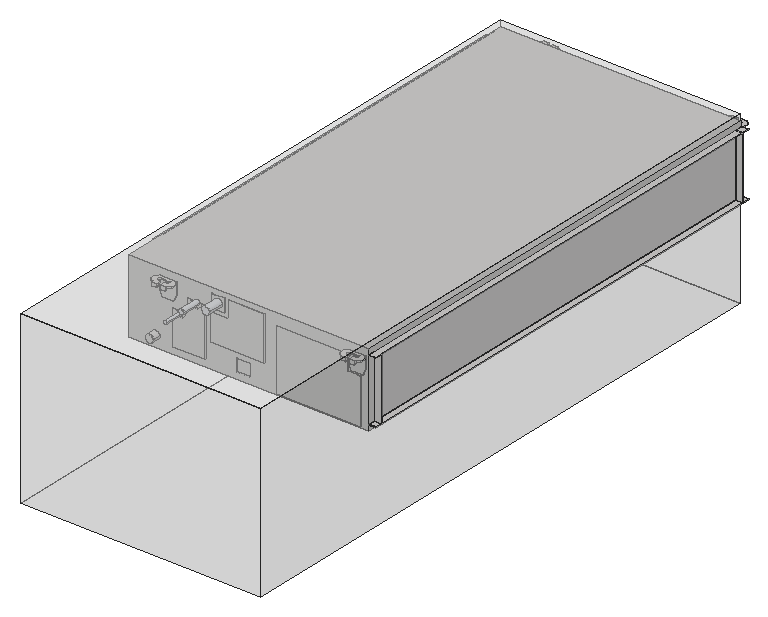
Revit family "outputfile", category 機械設備, Revit 2024
Family settings
  丸型コネクタ寸法 = 半径を使用
  パーツ タイプ = 標準
  OmniClass 番号 = 23.75.10.24.21.27.27
  OmniClass タイトル = Split System Air Conditioning Units
  作業面ベース = いいえ
  常に垂直 = はい
  ロード時にボイドで切り取り = いいえ
  注釈の向きを維持 = いいえ
  共有 = いいえ
  部屋計算ポイント = はい
Parameters (values of type "FXSQ140PAVE9")
  Description = ""
  製造元 = "Daikin"
  書き出し IFC クラス(タイプ) = "IfcUnitaryEquipmentType"
  定義済み IFC タイプ(タイプ) = "AIRCONDITIONINGUNIT"
  Cost = 0
  モデル = "FXSQ140PAVE9"
  Type Comments = ""
  Keynote = ""
  Type Image = (empty or 0)
  Assembly Code = ""
  r_Liquid Pipe Size = Liquid Pipe Size / 2  # 4.75 mm
  r_Gas Pipe Size = Gas Pipe Size / 2  # 7.95 mm
  r_Drain Pipe Size = Drain Pipe Size / 2  # 12.5 mm
  lw_power = 770.0 mm  # constant formula
  lh_SA = 138.0 mm  # constant formula
  lw_SA = if(Depth = 550.0 mm, 225.0 mm, if(Depth = 700.0 mm, 300.0 mm, if(Depth = 1000.0 mm, 450.0 mm, if(Depth = 1400.0 mm, 650.0 mm, 725.0 mm))))  # 725.0 mm
  lw_RA = if(Depth = 550.0 mm, 275.0 mm, if(Depth = 700.0 mm, 349.0 mm, if(Depth = 1000.0 mm, 499.0 mm, if(Depth = 1400.0 mm, 699.0 mm, 775.0 mm))))  # 775.0 mm
  lh_power = 60.0 mm + [h***]  # 60.0 mm
  lh_mountinghole1 = lh_mountinghole + [h***]  # 222.0 mm
  lh_RA = 123.0 mm  # constant formula
  ld_power = Depth / 2  # 775.0 mm
  Voltage_comment_60Hz = "220"
  Voltage_comment_50Hz = "220-240"
  Voltage_60Hz = 220 V
  Voltage_50Hz = 220 V
  URL = ""
  Supply Air Direction [instance] = yes
  Sound Power Level_H speed (dB) = 71
  Phase_60Hz = 1
  Phase_50Hz = 1
  Minimum External Static Pressure = 50.00 Pa
  Minimum Circuit Amps_60Hz = 3.1 A
  Minimum Circuit Amps_50Hz = 3.1 A
  Maximum Fuse Amps_60Hz = 16.0 A
  Maximum Fuse Amps_50Hz = 16.0 A
  Maximum External Static Pressure = 140.00 Pa
  Material_Casing = DAIKIN_GalvanizedSteel_Casing_indoorunit
  lw_mountinghole = 630.0 mm  # constant formula
  lh_gaspipe = 183.0 mm + [h***]  # 183.0 mm
  lh_mountinghole = 222.0 mm  # constant formula
  lh_liquidpipe = 136.0 mm + [h***]  # 136.0 mm
  lh_drainpipe = 207.0 mm + [h***]  # 207.0 mm
  lh_antena = Height - lh_mountinghole + 1.0 mm  # 24.0 mm
  ld_drainpipe = Depth / 2 + 53.0 mm  # 828.0 mm
  ld_liquidpipe = Depth / 2 + 69.0 mm  # 844.0 mm
  ld_gaspipe = Depth / 2 + 65.0 mm  # 840.0 mm
  ld_mountinghole = Depth + 38.0 mm  # 1588.0 mm
  h*** = 0.0 mm  # constant formula
  lw_liquidpipe = 179.0 mm  # constant formula
  lw_gaspipe = 229.0 mm  # constant formula
  lw_drainpipe = 300.0 mm  # constant formula
  Width = 800.0 mm
  Version = "ver.1.0"
  Unit Type = "Middle Static Pressure Duct Type"
  Unit Mass Weight = 52.00 kg
  Unit Designation [instance] = ""
  Uniclass2015Version = "Products v1.30"
  Uniclass2015Title = "Variable refrigerant flow units"
  Uniclass2015Code = "Pr_70_65_03_94"
  Total Heating Capacity [instance] = 0.000 kW
  Total Cooling Capacity [instance] = 0.000 kW
  Sound Pressure Level_M speed (dBA) = 0
  Sound Pressure Level_L speed (dBA) = 36
  Sound Pressure Level_H speed (dBA) = 43
  Series = "VRV Fan Coil Unit"
  Sensible Cooling Capacity [instance] = 0.000 kW
  SA Duct Size Width = if(Depth = 550.0 mm, 337.0 mm, if(Depth = 700.0 mm, 492.0 mm, if(Depth = 1000.0 mm, 792.0 mm, if(Depth = 1400.0 mm, 1192.0 mm, 1337.0 mm))))  # 1337.0 mm
  SA Duct Size Height = 176.0 mm
  Refrigerant Type = "R410A"
  RA Duct Size Width = if(Depth = 550.0 mm, 502.0 mm, if(Depth = 700.0 mm, 654.0 mm, if(Depth = 1000.0 mm, 952.0 mm, if(Depth = 1400.0 mm, 1352.0 mm, 1502.0 mm))))  # 1502.0 mm
  RA Duct Size Height = 208.0 mm
  Power Input (Heating) = 0.406 kW
  Power Input (Cooling) = 0.411 kW
  Option Accessory 3 [instance] = ""
  Option Accessory 2 [instance] = ""
  Option Accessory 1 [instance] = ""
  Nominal Heating Capacity = 18.000 kW
  Nominal Cooling Capacity = 16.000 kW
  Minimum Airflow = 1680.00 m³/h
  Median Airflow = 2010.00 m³/h
  Maximum Airflow = 2340.00 m³/h
  Load Classification = HVAC
  Liquid Pipe Size = 9.5 mm
  Link_Nested Family [instance] = ""
  IfcVersion = "0"
  IfcExportType = "AIRCONDITIONINGUNIT"
  IfcExportAs = "IfcUnitaryEquipmentType"
  Height = 245.0 mm
  Heating Entering Wet Bulb Temperature [instance] = 0.00 °C
  Heating Entering Dry Bulb Temperature [instance] = 0.00 °C
  Heating Ambient Wet Bulb Temperature [instance] = 0.00 °C
  Heating Ambient Dry Bulb Temperature [instance] = 0.00 °C
  Heat Exchanger Type = "Cross Fin Coil"
  Gas Pipe Size = 15.9 mm
  Frequency_60Hz = 60 Hz
  Frequency_50Hz = 50 Hz
  Fan Type = "Sirocco Fan"
  Fan Drive = "Direct Drive"
  FCU Tag No. [instance] = ""
  Drain Pipe Size = 25.0 mm
  Design Supply Airflow [instance] = 0.00 m³/h
  Design Return Airflow [instance] = 0.00 m³/h
  Design External Static Pressure [instance] = 0.00 Pa
  Depth = 1550.0 mm
  既定の高さ = 0.0 mm
  Cooling Entering Wet Bulb Temperature [instance] = 0.00 °C
  Cooling Entering Dry Bulb Temperature [instance] = 0.00 °C
  Cooling Ambient Wet Bulb Temperature [instance] = 0.00 °C
  Cooling Ambient Dry Bulb Temperature [instance] = 0.00 °C
  Clearance visibility [instance] = yes
  Clearance Top = 20.0 mm
  Clearance Right = 0.0 mm
  Clearance Rear = 0.0 mm
  Clearance Left = 0.0 mm
  Clearance Front = 450.0 mm
  Clearance Bottom = 300.0 mm
Reference planes
  plane 1 "Center (Front/Back)": y = 0
  plane 2 "h": z = 0
  plane 3 "Center (Left/Right)": x = 0
  plane 4 "Back": y = 775
  plane 5 "Front": y = -775
  plane 6 "Left": x = -400
  plane 7 "Reight": x = 400
  plane 8 "Top": z = 0
  plane 9 "Bottom": z = -245
  plane 10: y = -215
  plane 11: y = 775
  plane 12: y = -1225
  plane 13: x = -400
  plane 14: x = 400
  plane 15: z = 20
  plane 16: z = -545
  plane 17: x = -400
  plane 18: x = -399
  plane 19: x = 399
  plane 20: y = 50
  plane 21: y = 0
  plane 22: z = -122
  plane 23: y = -776
  plane 24: z = -109
  plane 25: x = -221
  plane 26: y = -840
  plane 27: z = -62
  plane 28: x = -171
  plane 29: y = -828
  plane 30: z = -38
  plane 31: x = -100
  plane 32: x = -100
  plane 33: x = -221
  plane 34: x = -171
  plane 35: x = 370
  plane 36: x = -266
  plane 37: x = 364
  plane 38: y = -794
  plane 39: y = 794
  plane 40: z = -23
  plane 41: z = -107
  plane 42: y = -844
  plane 43: z = -207
  plane 44: x = -309
  plane 45: y = -801
  plane 46: x = -251
  plane 47: x = -203
  plane 48: x = -144
  plane 49: z = -59
  plane 50: z = -106
  plane 51: z = -221
  plane 52: z = -109
  plane 53: x = -221
  plane 54: z = -62
  plane 55: x = -171
  plane 56: z = -17
  plane 57: z = -59
  plane 58: x = -121
  plane 59: x = -79
  plane 60: x = -125
  plane 61: x = -64
  plane 62: x = 53
  plane 63: z = -164
  plane 64: z = -73
  plane 65: z = -16
  plane 66: x = 93.5
  plane 67: x = 374.5
  plane 68: x = 330
  plane 69: z = -88.5
  plane 70: z = -38
  plane 71: z = -242.5
  plane 72: x = -38.5
  plane 73: x = 6.5
  plane 74: z = -181
  plane 75: z = -221
  plane 76: y = -774
  plane 77: x = -424
  plane 78: x = 424
Forms (mm)
  Extrusion 1, solid, material "DAIKIN_GalvanizedSteel_Casing_indoorunit" <- "Material_Casing"
    sketch origin (0, 0, 0) x (1, 0, 0) y (0, 1, 0)
      loop
        line (-399, 775) -> (-399, -775) -> (399, -775) -> (399, 775) -> (-399, 775)
    from -245 to 0
  Extrusion 2, solid, material "DAIKIN_GalvanizedSteel_Casing_indoorunit" <- "Material_Casing"
    sketch origin (0, 0, 0) x (1, 0, 0) y (0, 0, 1)
      loop
        line (-251, -221) -> (-144, -221) -> (-144, -59) -> (-154.47, -59)
        arc (-154.47, -59) -> (-171, -78.8) -> (-187.53, -59) r 16.8
        line (-187.53, -59) -> (-203, -59) -> (-203, -106) -> (-206.916, -106)
        arc (-206.916, -106) -> (-221, -123.4) -> (-235.084, -106) r 14.4
        line (-235.084, -106) -> (-251, -106) -> (-251, -221)
    from 775 to 776
  Extrusion 3, solid, material "DAIKIN_GalvanizedSteel_Casing_indoorunit" <- "Material_Casing"
    sketch origin (0, 0, 0) x (1, 0, 0) y (0, 0, 1)
      loop
        line (-121, -17) -> (-121, -59) -> (-79, -59) -> (-79, -17) -> (-121, -17)
      loop
        line (-125, -73) -> (-125, -164) -> (53, -164) -> (53, -16) -> (-64, -16) -> (-64, -73) -> (-125, -73)
    from 775 to 776
  Extrusion 4, solid, material "DAIKIN_GalvanizedSteel_Casing_indoorunit" <- "Material_Casing"
    sketch origin (0, 0, 0) x (1, 0, 0) y (0, 0, 1)
      loop
        line (93.5, -38) -> (93.5, -242.5) -> (374.5, -242.5) -> (374.5, -88.5) -> (330, -88.5) -> (330, -38) -> (93.5, -38)
    from 775 to 776
  Extrusion 5, solid
    sketch origin (0, 0, 0) x (1, 0, 0) y (0, 0, 1)
      loop
        circle (-221, -109) r 4.75
    from 775 to 844
  Extrusion 6, solid
    sketch origin (0, 0, 0) x (1, 0, 0) y (0, 0, 1)
      loop
        circle (-171, -62) r 7.95
    from 775 to 840
  Extrusion 7, solid
    sketch origin (0, 0, 0) x (1, 0, 0) y (0, 0, 1)
      loop
        circle (-100, -38) r 12.5
    from 776 to 828
  Extrusion 8, solid, material "DAIKIN_GalvanizedSteel_Casing_indoorunit" <- "Material_Casing"
    sketch origin (0, 0, 0) x (1, 0, 0) y (0, 0, 1)
      loop
        circle (-309, -207) r 13
    from 775 to 801
  Extrusion 9, void
    sketch origin (0, 0, 0) x (1, 0, 0) y (0, 0, 1)
      loop
        line (-38.5, -181) -> (-38.5, -221) -> (6.5, -221) -> (6.5, -181) -> (-38.5, -181)
    from 774 to 775
Cuts and joins
  Extrusion 9 cuts Extrusion 1
Dimensions and locks
  "Height": plane 8 "Top" to plane 9 "Bottom"
  equal spacing: plane 4 "Back", plane 1 "Center (Front/Back)", plane 5 "Front"
  "Depth": plane 4 "Back" to plane 5 "Front"
  equal spacing: plane 6 "Left", plane 3 "Center (Left/Right)", plane 7 "Reight"
  "Width": plane 6 "Left" to plane 7 "Reight"
  "Clearance Left": plane 13 to plane 6 "Left"
  "Clearance Right": plane 7 "Reight" to plane 14
  "Clearance Rear": plane 11 to plane 4 "Back"
  "Clearance Front": plane 5 "Front" to plane 12
  "Clearance Top": plane 15 to plane 8 "Top"
  "Clearance Bottom": plane 9 "Bottom" to plane 16
  locked: plane 17 to plane 18 at 1
  locked: plane 19 to plane 14 at 1
  "lw_SA": plane 11 to plane 20
  "lw_RA": plane 21 to plane 5 "Front"
  "lh_RA": plane 22 to plane 9 "Bottom"
  locked: plane 5 "Front" to plane 23 at 1
  "lw_liquidpipe": plane 25 to plane 6 "Left"
  "lh_liquidpipe": plane 24 to plane 9 "Bottom"
  "lh_gaspipe": plane 27 to plane 9 "Bottom"
  "lw_gaspipe": plane 28 to plane 6 "Left"
  "ld_gaspipe": plane 26 to plane 1 "Center (Front/Back)"
  "ld_drainpipe": plane 29 to plane 1 "Center (Front/Back)"
  "lh_drainpipe": plane 30 to plane 9 "Bottom"
  "lw_drainpipe": plane 31 to plane 6 "Left"
  "lw_drainpipe": plane 6 "Left" to plane 32
  "lw_liquidpipe": plane 6 "Left" to plane 33
  "lw_gaspipe": plane 6 "Left" to plane 34
  "lw_power": plane 6 "Left" to plane 35
  locked: plane 17 to plane 36 at 134
  "lw_mountinghole": plane 36 to plane 37
  equal spacing: plane 38, plane 1 "Center (Front/Back)", plane 39
  "ld_mountinghole": plane 39 to plane 38
  "lh_mountinghole": plane 40 to plane 9 "Bottom"
  "lh_SA": plane 41 to plane 9 "Bottom"
  "ld_liquidpipe": plane 21 to plane 42
  locked: plane 44 to plane 6 "Left" at 91
  locked: plane 43 to plane 9 "Bottom" at 38
  locked: plane 5 "Front" to plane 45 at 26
  plane 48 to plane 47 to plane 46 to plane 6 "Left" = 59.0 mm, 48.0 mm, 149.0 mm
  plane 8 "Top" to plane 49 to plane 50 to plane 51 = 59.0 mm locked, 47.0 mm locked, 115.0 mm locked
  plane 55 to plane 53 to plane 6 "Left" = 50.0 mm locked, 179.0 mm locked
  plane 54 to plane 52 to plane 9 "Bottom" = 47.0 mm locked, 136.0 mm locked
  plane 59 to plane 58 to plane 6 "Left" = 42.0 mm locked, 279.0 mm locked
  plane 8 "Top" to plane 56 to plane 57 = 17.0 mm locked, 42.0 mm locked
  plane 62 to plane 61 to plane 60 to plane 6 "Left" = 117.0 mm, 61.0 mm, 275.0 mm
  plane 8 "Top" to plane 65 to plane 64 = 16.0 mm locked, 57.0 mm locked
  locked: plane 65 to plane 63 at 148
  plane 8 "Top" to plane 70 to plane 69 to plane 71 = 38.0 mm locked, 50.5 mm locked, 154.0 mm locked
  plane 67 to plane 68 to plane 66 to plane 6 "Left" = 44.5 mm locked, 236.5 mm locked, 493.5 mm locked
  plane 8 "Top" to plane 74 to plane 75 = 181.0 mm locked, 40.0 mm locked
  plane 73 to plane 72 to plane 6 "Left" = 45.0 mm, 361.5 mm
  locked: plane 76 to plane 5 "Front" at 1
  locked: plane 77 to plane 17 at 24
  locked: plane 14 to plane 78 at 24
  "r_Liquid Pipe Size": radius of Extrusion 5 sketch curve
  "r_Gas Pipe Size": radius of Extrusion 6 sketch curve
  "r_Drain Pipe Size": radius of Extrusion 7 sketch curve
  aligned and locked: level to plane 2 "h"
  aligned and locked: plane 8 "Top" to Extrusion 1
  aligned and locked: Extrusion 1 to plane 9 "Bottom"
  aligned and locked: nested 5 to plane 12
  aligned and locked: plane 13 to nested 5
  aligned and locked: plane 14 to nested 5
  aligned and locked: nested 5 to plane 13
  aligned and locked: plane 11 to nested 5
  aligned and locked: plane 15 to nested 5
  aligned and locked: plane 16 to nested 5
  aligned and locked: plane 5 "Front" to Extrusion 1 sketch curve
  aligned and locked: Extrusion 1 to plane 18
  aligned and locked: plane 19 to Extrusion 1
  aligned and locked: nested 7 to plane 18
  aligned and locked: nested 7 to plane 20
  aligned and locked: plane 19 to nested 8
  aligned and locked: plane 21 to nested 8
  aligned and locked: plane 22 to nested 8
  aligned and locked: Extrusion 2 to plane 23
  aligned and locked: plane 5 "Front" to Extrusion 2
  aligned and locked: Extrusion 3 to plane 23
  aligned and locked: plane 5 "Front" to Extrusion 3
  aligned and locked: plane 5 "Front" to Extrusion 4
  aligned and locked: Extrusion 5 sketch curve to plane 25
  aligned and locked: plane 24 to Extrusion 5 sketch curve
  aligned and locked: plane 5 "Front" to Extrusion 5
  aligned and locked: Extrusion 6 sketch curve to plane 28
  aligned and locked: plane 27 to Extrusion 6 sketch curve
  aligned and locked: plane 5 "Front" to Extrusion 6
  aligned and locked: Extrusion 7 sketch curve to plane 31
  aligned and locked: Extrusion 7 sketch curve to plane 30
  aligned and locked: Extrusion 7 to plane 29
  aligned and locked: plane 23 to Extrusion 7
  aligned and locked: nested 3 to plane 29
  aligned and locked: nested 3 to plane 32
  aligned and locked: nested 2 to plane 33
  aligned and locked: nested 1 to plane 34
  aligned and locked: Extrusion 6 to plane 26
  aligned and locked: nested 1 to plane 26
  aligned and locked: nested 6 to plane 5 "Front"
  aligned and locked: nested 6 to plane 35
  aligned and locked: plane 36 to nested 10
  aligned and locked: nested 10 to plane 5 "Front"
  aligned and locked: plane 37 to nested 9
  aligned and locked: nested 9 to plane 5 "Front"
  aligned and locked: nested 11 to plane 36
  aligned and locked: plane 4 "Back" to nested 11
  aligned and locked: nested 12 to plane 37
  aligned and locked: plane 4 "Back" to nested 12
  aligned and locked: plane 40 to nested 10
  aligned and locked: plane 40 to nested 11
  aligned and locked: plane 40 to nested 9
  aligned and locked: plane 40 to nested 12
  aligned and locked: plane 36 to nested 14
  aligned and locked: nested 14 to plane 39
  aligned and locked: plane 37 to nested 13
  aligned and locked: nested 13 to plane 39
  aligned and locked: plane 37 to nested 16
  aligned and locked: plane 38 to nested 16
  aligned and locked: plane 38 to nested 15
  aligned and locked: plane 36 to nested 15
  aligned and locked: plane 17 to plane 6 "Left"
  aligned and locked: plane 41 to nested 7
  aligned and locked: Extrusion 5 to plane 42
  aligned and locked: nested 2 to plane 42
  aligned and locked: Extrusion 8 sketch curve to plane 44
  aligned and locked: plane 43 to Extrusion 8 sketch curve
  aligned and locked: plane 5 "Front" to Extrusion 8
  aligned and locked: plane 45 to Extrusion 8
  aligned and locked: Extrusion 3 sketch curve to plane 56
  aligned and locked: Extrusion 3 sketch curve to plane 58
  aligned and locked: plane 57 to Extrusion 3 sketch curve
  aligned and locked: plane 59 to Extrusion 3 sketch curve
  aligned and locked: Extrusion 4 to plane 23
  aligned and locked: Extrusion 9 sketch curve to plane 74
  aligned and locked: plane 75 to Extrusion 9 sketch curve
  aligned and locked: plane 73 to Extrusion 9 sketch curve
  aligned and locked: plane 5 "Front" to Extrusion 9
  aligned and locked: plane 76 to Extrusion 9
  aligned and locked: nested 17 to plane 20
  aligned and locked: nested 17 to plane 77
  aligned and locked: plane 21 to nested 18
  aligned and locked: plane 78 to nested 18
  aligned and locked: plane 41 to nested 17
  aligned and locked: nested 18 to plane 22
  aligned and locked: nested 4 to plane 3 "Center (Left/Right)"
  aligned and locked: plane 1 "Center (Front/Back)" to nested 4
  aligned and locked: plane 8 "Top" to level
Automatic sketch dimensions
  plane 6 "Left" to Extrusion 1 sketch curve = 1.0 mm
  Extrusion 1 sketch curve to plane 7 "Reight" = 1.0 mm
  Extrusion 1 sketch curve to plane 4 "Back" = 0.0 mm
  Extrusion 2 sketch curve to plane 46 = 0.0 mm
  Extrusion 2 sketch curve to plane 33 = 0.0 mm
  Extrusion 2 sketch curve to plane 47 = 0.0 mm
  Extrusion 2 sketch curve to plane 34 = 0.0 mm
  Extrusion 2 sketch curve to plane 48 = 0.0 mm
  Extrusion 2 sketch curve to plane 51 = 0.0 mm
  Extrusion 2 sketch curve to plane 52 = 0.0 mm
  Extrusion 2 sketch curve to plane 50 = 0.0 mm  (x3)
  Extrusion 2 sketch curve to plane 54 = 0.0 mm
  Extrusion 2 sketch curve to plane 49 = 0.0 mm  (x3)
  plane 33 to Extrusion 2 sketch curve = 14.084 mm
  plane 34 to Extrusion 2 sketch curve = 16.53 mm
  Extrusion 3 sketch curve to plane 60 = 0.0 mm
  Extrusion 3 sketch curve to plane 61 = 0.0 mm
  Extrusion 3 sketch curve to plane 62 = 0.0 mm
  Extrusion 3 sketch curve to plane 63 = 0.0 mm
  Extrusion 3 sketch curve to plane 64 = 0.0 mm
  Extrusion 3 sketch curve to plane 65 = 0.0 mm
  Extrusion 4 sketch curve to plane 66 = 0.0 mm
  Extrusion 4 sketch curve to plane 68 = 0.0 mm
  Extrusion 4 sketch curve to plane 67 = 0.0 mm
  Extrusion 4 sketch curve to plane 71 = 0.0 mm
  Extrusion 4 sketch curve to plane 69 = 0.0 mm
  Extrusion 4 sketch curve to plane 70 = 0.0 mm
  Extrusion 9 sketch curve to plane 72 = 0.0 mm
  radius of Extrusion 8 sketch curve = 13.0 mm
Nested families
  nested 1: "daikin_connector_rotate2" at (-171, 0, -62), length <- "ld_gaspipe", built-in parameter 1001364 <- "lh_gaspipe", radius <- "r_Gas Pipe Size", type "daikin_connector_rotate2"
    with radius 7.95 mm, length 840.0 mm, angle_vertical 90.00°
  nested 2: "daikin_connector_rotate2" at (-221, 0, -109), length <- "ld_liquidpipe", built-in parameter 1001364 <- "lh_liquidpipe", radius <- "r_Liquid Pipe Size", type "daikin_connector_rotate2"
    with radius 4.75 mm, length 844.0 mm, angle_vertical 90.00°
  nested 3: "daikin_connector_rotate2" at (-100, 0, -38), length <- "ld_drainpipe", built-in parameter 1001364 <- "lh_drainpipe", radius <- "r_Drain Pipe Size", type "daikin_connector_rotate2"
    with radius 12.5 mm, length 828.0 mm, angle_vertical 90.00°
  nested 4: "daikin_△_symbolicline" at (0, 0, 245) x (0, -1, 0) z (0, 0, 1), built-in parameter 1001364 <- "Height", visible <- "Supply Air Direction", type "daikin_△_symbolicline"
    with length 200.0 mm
  nested 5: "daikin_clearancespace" at (0, -225, -262.381), visible <- "Clearance visibility", show <- "Clearance visibility", Link_Nested Family <- "Link_Nested Family", type "daikin_clearancespace"
    with width 800.0 mm, show yes, height 565.0 mm, depth 2000.0 mm, Link_Nested Family ""
  nested 6: "daikin_connector_rotate2" at (370, 0, -185), built-in parameter 1001364 <- "lh_power", length <- "ld_power", type "daikin_connector_rotate2"
    with radius 10.0 mm, length 775.0 mm, angle_vertical 90.00°
  nested 7: "daikin_ductflange_FXSQ-PAVE9_2" at (-399, 50, -107) x (0, -1, 0) z (0, 0, 1), type "daikin_ductflange_FXSQ-PAVE9_2"
    with width 1337.0 mm, w 1550.0 mm
  nested 8: "daikin_ductflange_FXSQ-PAVE9_1" at (399, 0, -122) x (0, 1, 0) z (0, 0, 1), type "daikin_ductflange_FXSQ-PAVE9_1"
    with width 1502.0 mm, w 1550.0 mm
  nested 9: "daikin_hangerfixture_FXSQ-PAVE9" at (364, -775, -23), type "daikin_hangerfixture_FXSQ-PAVE9"
  nested 10: "daikin_hangerfixture_FXSQ-PAVE9" at (-266, -775, -23), type "daikin_hangerfixture_FXSQ-PAVE9"
  nested 11: "daikin_hangerfixture_FXSQ-PAVE9" at (-266, 775, -23) x (-1, 0, 0) z (0, 0, 1), type "daikin_hangerfixture_FXSQ-PAVE9"
  nested 12: "daikin_hangerfixture_FXSQ-PAVE9" at (364, 775, -23) x (-1, 0, 0) z (0, 0, 1), type "daikin_hangerfixture_FXSQ-PAVE9"
  nested 13: "daikin_mountinghole" at (364, 794, -245), h_mountinghole <- "lh_mountinghole1", l_antenna <- "lh_antena", Link_Nested Family <- "Link_Nested Family", type "daikin_mountinghole"
    with show yes, l_antenna 24.0 mm, h_mountinghole 222.0 mm, Link_Nested Family ""
  nested 14: "daikin_mountinghole" at (-266, 794, -245), h_mountinghole <- "lh_mountinghole1", l_antenna <- "lh_antena", Link_Nested Family <- "Link_Nested Family", type "daikin_mountinghole"
    with show yes, l_antenna 24.0 mm, h_mountinghole 222.0 mm, Link_Nested Family ""
  nested 15: "daikin_mountinghole" at (-266, -794, -245), h_mountinghole <- "lh_mountinghole1", l_antenna <- "lh_antena", Link_Nested Family <- "Link_Nested Family", type "daikin_mountinghole"
    with show yes, l_antenna 24.0 mm, h_mountinghole 222.0 mm, Link_Nested Family ""
  nested 16: "daikin_mountinghole" at (364, -794, -245), h_mountinghole <- "lh_mountinghole1", l_antenna <- "lh_antena", Link_Nested Family <- "Link_Nested Family", type "daikin_mountinghole"
    with show yes, l_antenna 24.0 mm, h_mountinghole 222.0 mm, Link_Nested Family ""
  nested 17: "daikin_connector_rotate2" at (-400, 50, -107) x (0, -1, 0) z (0, 0, 1), type "daikin_connector_rotate2"
    with radius 10.0 mm, length 24.0 mm, angle_vertical 90.00°
  nested 18: "daikin_connector_rotate2" at (400, 0, -122) x (0, 1, 0) z (0, 0, 1), type "daikin_connector_rotate2"
    with radius 10.0 mm, length 24.0 mm, angle_vertical 90.00°
Connectors
  piping at (-100, -828, -38), diameter 25, driven by "r_Drain Pipe Size"
    settings: on nested 3, index 3, connector inside diameter 609.6 mm, connector length 0.0 mm, flow factor 0, pipe flow 0.00 m³/h, pressure drop 0.0 Pa, fitting loss kfactor 0, connector angle 0.00°, fixture units 0, engagement length 0.0 mm, angle of deflection 0.00°, flow configuration 1, flow direction 2, fitting loss method 4, system type 16, joint type 0, gender type 0, connector reference index -1, connector utility 0, adjustable connector no, is connector primary yes, connector description "Condensate Drain Piping"
  piping at (-171, -840, -62), diameter 15.9, driven by "r_Gas Pipe Size"
    settings: on nested 1, index 4, connector inside diameter 609.6 mm, connector length 0.0 mm, flow factor 0, pipe flow 0.00 m³/h, pressure drop 0.0 Pa, fitting loss kfactor 0, connector angle 0.00°, fixture units 0, engagement length 0.0 mm, angle of deflection 0.00°, flow configuration 1, flow direction 2, fitting loss method 0, system type 29, joint type 0, gender type 0, connector reference index -1, connector utility 0, adjustable connector no, is connector primary no, connector description "Refrigerant Gas Piping"
  piping at (-221, -844, -109), diameter 9.5, driven by "r_Liquid Pipe Size"
    settings: on nested 2, index 5, connector inside diameter 609.6 mm, connector length 0.0 mm, flow factor 0, pipe flow 0.00 m³/h, pressure drop 0.0 Pa, fitting loss kfactor 0, connector angle 0.00°, fixture units 0, engagement length 0.0 mm, angle of deflection 0.00°, flow configuration 1, flow direction 1, fitting loss method 0, system type 29, joint type 0, gender type 0, connector reference index -1, connector utility 0, adjustable connector no, is connector primary no, connector description "Refrigerant Liquid Piping"
  electrical at (370, -775, -185), driven by "Load Classification"
    settings: on nested 6, index 6, voltage 0 V, apparent load 0 VA, apparent load phase1 0 VA, apparent load phase2 0 VA, apparent load phase3 0 VA, power factor 1, load classification "HVAC", number of poles 1, system type 30, power factor state 1, is connector primary yes, connector utility no, sub classification motor no, connector description "Power Supply"
  hvac at (-424, 50, -107), driven by "SA Duct Size Height", driven by "SA Duct Size Width"
    settings: on nested 17, index 7, duct flow 0.00 m³/h, flow factor 0, pres drop 0.00 Pa, loss coef 0, conn angle 0.00°, conn width 1337.0 mm, conn height 176.0 mm, conn diameter 609.6 mm, duct sys type 1, conn prof type 1, flow config 0, flow direction 2, loss method 4, conn ref index -1, conn util no, is conn primary yes, conn desc "SA Duct"
  hvac at (424, 0, -122), driven by "RA Duct Size Height", driven by "RA Duct Size Width"
    settings: on nested 18, index 8, duct flow 0.00 m³/h, flow factor 0, pres drop 0.00 Pa, loss coef 0, conn angle 0.00°, conn width 1502.0 mm, conn height 208.0 mm, conn diameter 609.6 mm, duct sys type 2, conn prof type 1, flow config 0, flow direction 1, loss method 4, conn ref index -1, conn util no, is conn primary no, conn desc "RA Duct"
Definition of nested family "daikin_clearancespace"
  Parameters (values of type "daikin_clearancespace")
    width [instance] = 1823.963 mm
    show [instance] = yes
    material = none
    height [instance] = 1359.762 mm
    depth [instance] = 880.0 mm
    Default Elevation = 0.0 mm
    Link_Nested Family [instance] = ""
  Reference planes
    plane 1 "Center (Front/Back)": y = 0
    plane 2 "Center (Elevation)": z = -0.119
    plane 3 "Center (Left/Right)": x = 0
    plane 4: y = 440
    plane 5: y = -440
    plane 6 "Right": x = 911.982
    plane 7 "Left": x = -911.982
    plane 8 "Top": z = 679.762
    plane 9 "Bottom": z = -680
  Forms (mm)
    Extrusion 1, solid, material <- "material", visible <- "show"
      sketch origin (0, 0, 0) x (1, 0, 0) y (0, 1, 0)
        loop
          line (-911.982, 440) -> (-911.982, -440) -> (911.982, -440) -> (911.982, 440) -> (-911.982, 440)
      from -680 to 679.762
  Lines and regions (mm)
    symbolic lines, visible <- "show"
      curve 1: line (911.982, 440, 0) -> (-911.982, 440, 0)
      curve 2: line (-911.982, 440, 0) -> (-911.982, -440, 0)
      curve 3: line (-911.982, -440, 0) -> (911.982, -440, 0)
      curve 4: line (911.982, -440, 0) -> (911.982, 440, 0)
      curve 5: line (911.982, 0, 679.762) -> (-911.982, 0, 679.762)
      curve 6: line (911.982, 0, -680) -> (911.982, 0, 679.762)
      curve 7: line (-911.982, 0, -680) -> (911.982, 0, -680)
      curve 8: line (-911.982, 0, 679.762) -> (-911.982, 0, -680)
      curve 9: line (0, 440, 679.762) -> (0, -440, 679.762)
      curve 10: line (0, -440, 679.762) -> (0, -440, -680)
      curve 11: line (0, 440, -680) -> (0, 440, 679.762)
      curve 12: line (0, -440, -680) -> (0, 440, -680)
  Dimensions and locks
    "width": plane 7 "Left" to plane 6 "Right"
    "depth": plane 4 to plane 5
    "height": plane 8 "Top" to plane 9 "Bottom"
    equal spacing: plane 7 "Left", plane 3 "Center (Left/Right)", plane 6 "Right"
    equal spacing: plane 4, plane 1 "Center (Front/Back)", plane 5
    equal spacing: plane 8 "Top", plane 2 "Center (Elevation)", plane 9 "Bottom"
    aligned and locked: level to plane 2 "Center (Elevation)"
    aligned and locked: Extrusion 1 sketch curve to plane 4
    aligned and locked: plane 7 "Left" to Extrusion 1 sketch curve
    aligned and locked: Extrusion 1 sketch curve to plane 5
    aligned and locked: Extrusion 1 sketch curve to plane 6 "Right"
    aligned and locked: plane 8 "Top" to Extrusion 1
    aligned and locked: curve 1 to Extrusion 1
    aligned and locked: curve 2 to Extrusion 1
    aligned and locked: curve 3 to Extrusion 1
    aligned and locked: curve 4 to Extrusion 1
    aligned and locked: curve 5 to Extrusion 1
    aligned and locked: curve 6 to Extrusion 1
    aligned and locked: curve 7 to Extrusion 1
    aligned and locked: curve 8 to Extrusion 1
    aligned and locked: curve 9 to Extrusion 1
    aligned and locked: curve 10 to Extrusion 1
    aligned and locked: curve 11 to Extrusion 1
    aligned and locked: curve 12 to Extrusion 1
    aligned and locked: Extrusion 1 to plane 9 "Bottom"
Definition of nested family "daikin_ductflange_FXSQ-PAVE9_2"
  Parameters (values of type "daikin_ductflange_FXMQ-PAVE2")
    width = if(w = 550.0 mm, 337.0 mm, if(w = 700.0 mm, 492.0 mm, if(w = 1000.0 mm, 792.0 mm, if(w = 1400.0 mm, 1192.0 mm, 1337.0 mm))))  # 337.0 mm
    material = none
    height = 215.0 mm
    depth = 1.0 mm
    w = 550.0 mm
    Default Elevation = 0.0 mm
  Reference planes
    plane 1 "Center (Front/Back)": y = 0
    plane 2: z = 0
    plane 3 "Center (Left/Right)": x = 0
    plane 4: z = 88
    plane 5: z = -88
    plane 6: y = -25
    plane 7: z = 106
    plane 8: z = 89
    plane 9: y = -1
    plane 10: x = -192.5
    plane 11: x = 192.5
    plane 12: z = -106
    plane 13: z = -89
    plane 14: y = -1
    plane 15: x = 168.5
    plane 16: x = -168.5
    plane 17: x = 169.5
    plane 18: z = 87
    plane 19: z = -87
    plane 20: x = -169.5
    plane 21: z = 87
    plane 22: z = -87
    plane 23: y = -1
  Forms (mm)
    Extrusion 1, solid, material <- "material"
      sketch origin (0, 0, 0) x (0, 1, 0) y (0, 0, 1)
        loop
          line (-25, 88) -> (0, 88) -> (0, 106) -> (-1, 106) -> (-1, 89) -> (-25, 89) -> (-25, 88)
      from -192.5 to 192.5
    Extrusion 2, solid, material <- "material"
      sketch origin (0, 0, 0) x (0, 1, 0) y (0, 0, 1)
        loop
          line (-25, -88) -> (-25, -89) -> (-1, -89) -> (-1, -106) -> (0, -106) -> (0, -88) -> (-25, -88)
      from -192.5 to 192.5
    Extrusion 3, solid, material <- "material"
      sketch origin (0, 0, 0) x (1, 0, 0) y (0, 0, 1)
        loop
          line (168.5, 88) -> (168.5, -88) -> (192.5, -88) -> (192.5, -87) -> (169.5, -87) -> (169.5, 87) -> (192.5, 87) -> (192.5, 88) -> (168.5, 88)
      from 0 to 25
    Extrusion 4, solid, material <- "material"
      sketch origin (0, 0, 0) x (1, 0, 0) y (0, 0, 1)
        loop
          line (-192.5, 88) -> (-192.5, 87) -> (-169.5, 87) -> (-169.5, -87) -> (-192.5, -87) -> (-192.5, -88) -> (-168.5, -88) -> (-168.5, 88) -> (-192.5, 88)
      from 0 to 25
    Extrusion 5, solid, material <- "material"
      sketch origin (0, 0, 0) x (1, 0, 0) y (0, 0, 1)
        loop
          line (-192.5, 88) -> (-192.5, -88) -> (-168.5, -88) -> (-168.5, 88) -> (-192.5, 88)
        loop
          line (192.5, 88) -> (168.5, 88) -> (168.5, -88) -> (192.5, -88) -> (192.5, 88)
      from 0 to 1
  Cuts and joins
    joined: Extrusion 1, Extrusion 2, Extrusion 3, Extrusion 4, Extrusion 5
  Dimensions and locks
    plane 4 to level to plane 5 = 88.0 mm, 88.0 mm
    locked: plane 6 to plane 1 "Center (Front/Back)" at 25
    locked: plane 9 to plane 1 "Center (Front/Back)" at 1
    locked: plane 8 to plane 4 at 1
    locked: plane 16 to plane 10 at 24
    locked: plane 17 to plane 15 at 1
    locked: plane 4 to plane 18 at 1
    locked: plane 19 to plane 5 at 1
    "width": plane 15 to plane 16
    plane 4 to plane 5 = 176.0 mm
    locked: plane 16 to plane 20 at 1
    locked: plane 4 to plane 21 at 1
    locked: plane 22 to plane 5 at 1
    locked: plane 23 to plane 1 "Center (Front/Back)" at 1
    plane 4 to level to plane 5 = 88.0 mm locked, 88.0 mm locked
    locked: plane 5 to plane 13 at 1
    locked: plane 5 to plane 12 at 18
    locked: plane 7 to plane 4 at 18
    equal spacing: plane 15, plane 3 "Center (Left/Right)", plane 16
    locked: plane 11 to plane 15 at 24
    plane 11 to plane 10 = 385.0 mm
    aligned and locked: level to plane 2
    aligned and locked: Extrusion 1 to plane 10
    aligned and locked: plane 11 to Extrusion 1
    aligned and locked: plane 5 to Extrusion 2
    aligned and locked: Extrusion 2 to plane 1 "Center (Front/Back)"
    aligned and locked: plane 15 to Extrusion 3 sketch curve
    aligned and locked: Extrusion 3 sketch curve to Extrusion 2  (x2)
    aligned and locked: Extrusion 3 sketch curve to plane 11
    aligned and locked: plane 6 to Extrusion 3
    aligned and locked: Extrusion 2 to plane 10
    aligned and locked: plane 11 to Extrusion 2
    aligned and locked: Extrusion 4 sketch curve to Extrusion 1  (x2)
    aligned and locked: plane 5 to Extrusion 4 sketch curve
    aligned and locked: Extrusion 4 sketch curve to plane 16
    aligned and locked: Extrusion 4 sketch curve to plane 22
    aligned and locked: plane 20 to Extrusion 4 sketch curve
    aligned and locked: plane 21 to Extrusion 4 sketch curve
    aligned and locked: Extrusion 4 to plane 1 "Center (Front/Back)"
    aligned and locked: plane 6 to Extrusion 4
    aligned and locked: Extrusion 5 sketch curve to Extrusion 1  (x4)
    aligned and locked: Extrusion 5 sketch curve to Extrusion 4  (x2)
    aligned and locked: Extrusion 5 sketch curve to Extrusion 3  (x2)
    aligned and locked: Extrusion 5 to plane 1 "Center (Front/Back)"
    aligned and locked: plane 23 to Extrusion 5
  Automatic sketch dimensions
    Extrusion 1 sketch curve to plane 6 = 0.0 mm
    Extrusion 1 sketch curve to plane 7 = 0.0 mm
    Extrusion 1 sketch curve to plane 9 = 0.0 mm
    Extrusion 1 sketch curve to plane 1 "Center (Front/Back)" = 0.0 mm
    Extrusion 1 sketch curve to plane 4 = 0.0 mm
    Extrusion 1 sketch curve to plane 8 = 0.0 mm
    Extrusion 2 sketch curve to plane 6 = 0.0 mm
    plane 12 to Extrusion 2 sketch curve = 0.0 mm
    Extrusion 2 sketch curve to plane 14 = 0.0 mm
    Extrusion 2 sketch curve to plane 1 "Center (Front/Back)" = 0.0 mm
    plane 13 to Extrusion 2 sketch curve = 0.0 mm
    Extrusion 2 sketch curve to plane 5 = 0.0 mm
    Extrusion 3 sketch curve to plane 17 = 0.0 mm
    Extrusion 3 sketch curve to plane 19 = 0.0 mm
    Extrusion 3 sketch curve to plane 18 = 0.0 mm
    Extrusion 3 sketch curve to plane 4 = 0.0 mm
    Extrusion 4 sketch curve to plane 10 = 0.0 mm
Definition of nested family "daikin_ductflange_FXSQ-PAVE9_1"
  Parameters (values of type "daikin_ductflange_FXMQ-PAVE")
    width = if(w = 550.0 mm, 502.0 mm, if(w = 700.0 mm, 654.0 mm, if(w = 1000.0 mm, 952.0 mm, if(w = 1400.0 mm, 1352.0 mm, 1502.0 mm))))  # 502.0 mm
    material = none
    height = 208.0 mm
    depth = 1.0 mm
    w = 550.0 mm
    Default Elevation = 0.0 mm
  Reference planes
    plane 1 "Center (Front/Back)": y = 0
    plane 2: z = 0
    plane 3 "Center (Left/Right)": x = 0
    plane 4: z = 104
    plane 5: z = -104
    plane 6: y = -25
    plane 7: z = 121
    plane 8: z = 105
    plane 9: y = -1
    plane 10: x = -275
    plane 11: x = 275
    plane 12: z = -122
    plane 13: z = -105
    plane 14: y = -1
    plane 15: x = 251
    plane 16: x = -251
    plane 17: x = 252
    plane 18: z = 103
    plane 19: z = -103
    plane 20: x = -252
    plane 21: z = 103
    plane 22: z = -103
    plane 23: y = -1
  Forms (mm)
    Extrusion 1, solid, material <- "material"
      sketch origin (0, 0, 0) x (0, 1, 0) y (0, 0, 1)
        loop
          line (-25, 104) -> (0, 104) -> (0, 121) -> (-1, 121) -> (-1, 105) -> (-25, 105) -> (-25, 104)
      from -275 to 275
    Extrusion 2, solid, material <- "material"
      sketch origin (0, 0, 0) x (0, 1, 0) y (0, 0, 1)
        loop
          line (-25, -104) -> (-25, -105) -> (-1, -105) -> (-1, -122) -> (0, -122) -> (0, -104) -> (-25, -104)
      from -275 to 275
    Extrusion 3, solid, material <- "material"
      sketch origin (0, 0, 0) x (1, 0, 0) y (0, 0, 1)
        loop
          line (251, 104) -> (251, -104) -> (275, -104) -> (275, -103) -> (252, -103) -> (252, 103) -> (275, 103) -> (275, 104) -> (251, 104)
      from 0 to 25
    Extrusion 4, solid, material <- "material"
      sketch origin (0, 0, 0) x (1, 0, 0) y (0, 0, 1)
        loop
          line (-275, 104) -> (-275, 103) -> (-252, 103) -> (-252, -103) -> (-275, -103) -> (-275, -104) -> (-251, -104) -> (-251, 104) -> (-275, 104)
      from 0 to 25
    Extrusion 5, solid, material <- "material"
      sketch origin (0, 0, 0) x (1, 0, 0) y (0, 0, 1)
        loop
          line (-275, 104) -> (-275, -104) -> (-251, -104) -> (-251, 104) -> (-275, 104)
        loop
          line (275, 104) -> (251, 104) -> (251, -104) -> (275, -104) -> (275, 104)
      from 0 to 1
  Cuts and joins
    joined: Extrusion 1, Extrusion 2, Extrusion 3, Extrusion 4, Extrusion 5
  Dimensions and locks
    plane 4 to level to plane 5 = 104.0 mm, 104.0 mm
    locked: plane 6 to plane 1 "Center (Front/Back)" at 25
    locked: plane 9 to plane 1 "Center (Front/Back)" at 1
    locked: plane 8 to plane 4 at 1
    locked: plane 11 to plane 15 at 24
    locked: plane 16 to plane 10 at 24
    locked: plane 17 to plane 15 at 1
    locked: plane 4 to plane 18 at 1
    locked: plane 19 to plane 5 at 1
    "width": plane 15 to plane 16
    equal spacing: plane 15, plane 3 "Center (Left/Right)", plane 16
    locked: plane 16 to plane 20 at 1
    locked: plane 4 to plane 21 at 1
    locked: plane 22 to plane 5 at 1
    locked: plane 23 to plane 1 "Center (Front/Back)" at 1
    locked: plane 7 to plane 4 at 17
    locked: plane 1 "Center (Front/Back)" to plane 14 at 1
    locked: plane 5 to plane 13 at 1
    "height": plane 4 to plane 5
    plane 11 to plane 10 = 550.0 mm
    locked: plane 12 to plane 13 at 17
    equal spacing: plane 4, level, plane 5
    aligned and locked: level to plane 2
    aligned and locked: Extrusion 1 to plane 10
    aligned and locked: plane 11 to Extrusion 1
    aligned and locked: plane 5 to Extrusion 2
    aligned and locked: Extrusion 2 to plane 1 "Center (Front/Back)"
    aligned and locked: plane 15 to Extrusion 3 sketch curve
    aligned and locked: Extrusion 3 sketch curve to Extrusion 2  (x2)
    aligned and locked: Extrusion 3 sketch curve to plane 11
    aligned and locked: plane 6 to Extrusion 3
    aligned and locked: Extrusion 2 to plane 10
    aligned and locked: plane 11 to Extrusion 2
    aligned and locked: Extrusion 4 sketch curve to Extrusion 1  (x2)
    aligned and locked: plane 5 to Extrusion 4 sketch curve
    aligned and locked: Extrusion 4 sketch curve to plane 16
    aligned and locked: Extrusion 4 sketch curve to plane 22
    aligned and locked: plane 20 to Extrusion 4 sketch curve
    aligned and locked: plane 21 to Extrusion 4 sketch curve
    aligned and locked: Extrusion 4 to plane 1 "Center (Front/Back)"
    aligned and locked: plane 6 to Extrusion 4
    aligned and locked: Extrusion 5 sketch curve to Extrusion 1  (x4)
    aligned and locked: Extrusion 5 sketch curve to Extrusion 4  (x2)
    aligned and locked: Extrusion 5 sketch curve to Extrusion 3  (x2)
    aligned and locked: Extrusion 5 to plane 1 "Center (Front/Back)"
    aligned and locked: plane 23 to Extrusion 5
  Automatic sketch dimensions
    Extrusion 1 sketch curve to plane 6 = 0.0 mm
    Extrusion 1 sketch curve to plane 7 = 0.0 mm
    Extrusion 1 sketch curve to plane 9 = 0.0 mm
    Extrusion 1 sketch curve to plane 1 "Center (Front/Back)" = 0.0 mm
    Extrusion 1 sketch curve to plane 4 = 0.0 mm
    Extrusion 1 sketch curve to plane 8 = 0.0 mm
    Extrusion 2 sketch curve to plane 6 = 0.0 mm
    plane 12 to Extrusion 2 sketch curve = 0.0 mm
    Extrusion 2 sketch curve to plane 14 = 0.0 mm
    Extrusion 2 sketch curve to plane 1 "Center (Front/Back)" = 0.0 mm
    plane 13 to Extrusion 2 sketch curve = 0.0 mm
    Extrusion 2 sketch curve to plane 5 = 0.0 mm
    Extrusion 3 sketch curve to plane 17 = 0.0 mm
    Extrusion 3 sketch curve to plane 19 = 0.0 mm
    Extrusion 3 sketch curve to plane 18 = 0.0 mm
    Extrusion 3 sketch curve to plane 4 = 0.0 mm
    Extrusion 4 sketch curve to plane 10 = 0.0 mm
Definition of nested family "daikin_hangerfixture_FXSQ-PAVE9"
  Parameters (values of type "daikin_hangerfixture_FXMQ-PAVE")
    width = 72.0 mm
    material = none
    height = 60.0 mm
    depth = 41.0 mm
    Default Elevation = 0.0 mm
  Reference planes
    plane 1 "Center (Front/Back)": y = 0
    plane 2: z = 0
    plane 3 "Center (Left/Right)": x = 0
    plane 4: y = 417.146
    plane 5: y = -41
    plane 6: x = -36
    plane 7: x = 36
    plane 8: z = -2.3
    plane 9: z = -60
    plane 10: y = -2.3
    plane 11: z = -12
    plane 12: y = -38.7
  Forms (mm)
    Extrusion 1, solid, material <- "material"
      sketch origin (0, 0, 0) x (1, 0, 0) y (0, 1, 0)
        loop
          line (-28, 0) -> (-28, -5)
          arc (-28, -5) -> (-29.127, -8.162) -> (-32, -9.899) r 5
          arc (-32, -9.899) -> (-34.873, -11.636) -> (-36, -14.798) r 5
          line (-36, -14.798) -> (-36, -27.178)
          arc (-36, -27.178) -> (-35.429, -29.499) -> (-33.846, -31.289) r 5
          line (-33.846, -31.289) -> (-23, -38.798) -> (-23, -41.098) -> (-6.5, -41.098) -> (-6.5, -28.498)
          arc (-6.5, -28.498) -> (-7.379, -26.377) -> (-9.5, -25.498) r 3
          line (-9.5, -25.498) -> (-13.5, -25.498)
          arc (-13.5, -25.498) -> (-20, -18.998) -> (-13.5, -12.498) r 6.5
          line (-13.5, -12.498) -> (13.5, -12.498)
          arc (13.5, -12.498) -> (20, -18.998) -> (13.5, -25.498) r 6.5
          line (13.5, -25.498) -> (9.5, -25.498)
          arc (9.5, -25.498) -> (7.379, -26.377) -> (6.5, -28.498) r 3
          line (6.5, -28.498) -> (6.5, -41.098) -> (23, -41.098) -> (23, -38.798) -> (33.846, -31.289)
          arc (33.846, -31.289) -> (35.429, -29.499) -> (36, -27.178) r 5
          line (36, -27.178) -> (36, -14.596)
          arc (36, -14.596) -> (34.873, -11.434) -> (32, -9.697) r 5
          arc (32, -9.697) -> (29.127, -7.96) -> (28, -4.798) r 5
          line (28, -4.798) -> (28, 0) -> (-28, 0)
      from 0 to -2.3
    Extrusion 2, solid, material <- "material"
      sketch origin (0, 0, 0) x (1, 0, 0) y (0, 0, 1)
        loop
          line (28, -39.037) -> (28, 0) -> (-28, 0) -> (-28, -39.037)
          arc (-28, -39.037) -> (-27.91, -39.983) -> (-27.642, -40.894) r 5
          line (-27.642, -40.894) -> (-21.257, -56.857)
          arc (-21.257, -56.857) -> (-19.418, -59.14) -> (-16.615, -60) r 5
          line (-16.615, -60) -> (16.615, -60)
          arc (16.615, -60) -> (19.418, -59.14) -> (21.257, -56.857) r 5
          line (21.257, -56.857) -> (27.642, -40.894)
          arc (27.642, -40.894) -> (27.91, -39.983) -> (28, -39.037) r 5
      from 0 to 2.3
    Extrusion 3, solid, material <- "material"
      sketch origin (0, 0, 0) x (1, 0, 0) y (0, 0, 1)
        loop
          line (-23, 0) -> (-23, -9)
          arc (-23, -9) -> (-22.121, -11.121) -> (-20, -12) r 3
          line (-20, -12) -> (-9.5, -12)
          arc (-9.5, -12) -> (-7.379, -11.121) -> (-6.5, -9) r 3
          line (-6.5, -9) -> (-6.5, 0) -> (-23, 0)
        loop
          line (23, 0) -> (6.5, 0) -> (6.5, -9)
          arc (6.5, -9) -> (7.379, -11.121) -> (9.5, -12) r 3
          line (9.5, -12) -> (20, -12)
          arc (20, -12) -> (22.121, -11.121) -> (23, -9) r 3
          line (23, -9) -> (23, 0)
      from 38.8 to 41.098
  Cuts and joins
    joined: Extrusion 1, Extrusion 2, Extrusion 3
  Dimensions and locks
    plane 2 to plane 8 = 2.3 mm
    "height": plane 2 to plane 9
    locked: plane 10 to plane 1 "Center (Front/Back)" at 2.3
    locked: plane 2 to plane 11 at 12
    locked: plane 12 to plane 5 at 2.3
    aligned and locked: level to plane 2
    aligned and locked: Extrusion 1 to plane 8
    aligned and locked: plane 2 to Extrusion 1
    aligned and locked: plane 2 to Extrusion 2 sketch curve
    aligned and locked: Extrusion 2 to plane 10
    aligned and locked: Extrusion 2 to plane 1 "Center (Front/Back)"
    aligned and locked: Extrusion 3 sketch curve to cut or joined group of Extrusion 1, Extrusion 2, Extrusion 3  (x3)
    aligned and locked: cut or joined group of Extrusion 1, Extrusion 2, Extrusion 3 to Extrusion 3
  Automatic sketch dimensions
    Extrusion 2 sketch curve to plane 7 = 8.0 mm
    Extrusion 2 sketch curve to plane 8 = 36.737 mm
    plane 6 to Extrusion 2 sketch curve = 19.385 mm
    Extrusion 1 sketch curve to plane 6 = 0.0 mm
    plane 1 "Center (Front/Back)" to Extrusion 1 sketch curve = 0.0 mm
    Extrusion 1 sketch curve to plane 7 = 0.0 mm
    plane 6 to Extrusion 1 sketch curve = 2.154 mm
    plane 6 to Extrusion 1 sketch curve = 3.0 mm
    Extrusion 1 sketch curve to Extrusion 1 sketch curve = 5.0 mm  (x3)
    Extrusion 1 sketch curve to plane 12 = 0.098 mm  (x2)
    Extrusion 1 sketch curve to Extrusion 1 sketch curve = 4.0 mm  (x2)
    Extrusion 1 sketch curve to plane 5 = 0.098 mm  (x2)
    Extrusion 1 sketch curve to plane 3 "Center (Left/Right)" = 6.5 mm
    plane 3 "Center (Left/Right)" to Extrusion 1 sketch curve = 6.5 mm
    Extrusion 1 sketch curve to Extrusion 1 sketch curve = 3.0 mm
    Extrusion 1 sketch curve to plane 7 = 8.0 mm
    Extrusion 1 sketch curve to plane 7 = 5.0 mm
    Extrusion 1 sketch curve to plane 7 = 3.0 mm
    Extrusion 1 sketch curve to plane 7 = 2.154 mm
    plane 12 to Extrusion 1 sketch curve = 7.411 mm  (x2)
    plane 12 to Extrusion 1 sketch curve = 10.202 mm  (x2)
    Extrusion 1 sketch curve to Extrusion 1 sketch curve = 6.5 mm  (x2)
    Extrusion 1 sketch curve to Extrusion 1 sketch curve = 12.38 mm
    Extrusion 1 sketch curve to plane 10 = 12.296 mm
    Extrusion 1 sketch curve to plane 10 = 2.7 mm
    Extrusion 1 sketch curve to plane 10 = 2.498 mm
    plane 6 to Extrusion 1 sketch curve = 4.0 mm
    Extrusion 1 sketch curve to Extrusion 1 sketch curve = 0.0 mm  (x2)
    Extrusion 1 sketch curve to plane 7 = 4.0 mm
    Extrusion 1 sketch curve to Extrusion 1 sketch curve = 4.111 mm
    Extrusion 3 sketch curve to level = 0.0 mm  (x2)
    Extrusion 3 sketch curve to plane 11 = 0.0 mm  (x2)
    plane 11 to Extrusion 3 sketch curve = 3.0 mm  (x2)
    plane 3 "Center (Left/Right)" to Extrusion 3 sketch curve = 6.5 mm
    Extrusion 3 sketch curve to Extrusion 3 sketch curve = 3.0 mm  (x2)
    Extrusion 2 sketch curve to plane 9 = 0.0 mm
    Extrusion 2 sketch curve to Extrusion 2 sketch curve = 11.385 mm
    plane 6 to Extrusion 2 sketch curve = 8.0 mm
    plane 9 to Extrusion 2 sketch curve = 20.963 mm
    Extrusion 2 sketch curve to Extrusion 2 sketch curve = 5.0 mm  (x2)
    plane 9 to Extrusion 2 sketch curve = 3.143 mm  (x3)
    Extrusion 2 sketch curve to Extrusion 2 sketch curve = 4.642 mm  (x2)
    Extrusion 2 sketch curve to Extrusion 2 sketch curve = 0.0 mm  (x2)
    Extrusion 2 sketch curve to Extrusion 2 sketch curve = 0.358 mm
    Extrusion 2 sketch curve to Extrusion 2 sketch curve = 1.857 mm  (x2)
Definition of nested family "daikin_connector_rotate2"
  Parameters (values of type "daikin_connector_rotate2")
    Default Elevation = 1219.2 mm
    show_face = no
    radius [instance] = 10.0 mm
    length [instance] = 600.0 mm
    d_surface = 10.0 mm
    angle_vertical [instance] = 90.00°
  Reference planes
    plane 1 "Center (Front/Back)": y = 0
    plane 2: z = 0
    plane 3 "Center (Left/Right)": x = 0
  Forms (mm)
    Extrusion 1, solid, visible <- "show_face"
      sketch origin (0, -600, 0) x (1, 0, 0) y (0, 0, 1)
        loop
          circle (0, 0) r 10
      from 0 to -10
  Lines and regions (mm)
    reference lines
      curve 1: line (0, 0, 0) -> (0, -600, 0)
    symbolic lines
      curve 2: circle (0, 0, 0) r 5 normal (0, 0, 1)
    model lines, visible <- "show_face"
      curve 3: line (0, 0, 0) -> (0, -600, 0)
  Dimensions and locks
    "length": curve 1 to curve 1
    "length": curve 3 to curve 3
    "d_surface": Extrusion 1 to Extrusion 1
    "radius": radius of Extrusion 1 sketch curve
    "angle_vertical": angle curve 1 to plane 1 "Center (Front/Back)"
    "angle_vertical": angle curve 3 to plane 1 "Center (Front/Back)"
    aligned and locked: level to plane 2
    aligned and locked: plane 1 "Center (Front/Back)" to curve 1
    aligned and locked: plane 2 to curve 1
    aligned and locked: plane 1 "Center (Front/Back)" to curve 2
    aligned and locked: plane 3 "Center (Left/Right)" to curve 2
    aligned and locked: plane 1 "Center (Front/Back)" to curve 3
    aligned and locked: plane 2 to curve 3
    aligned and locked: Extrusion 1 to Extrusion 1
  Automatic sketch dimensions
    Extrusion 1 sketch curve to level = 0.0 mm
    Extrusion 1 sketch curve to plane 3 "Center (Left/Right)" = 0.0 mm
    radius of curve 2 = 5.0 mm
Definition of nested family "daikin_△_symbolicline"
  Parameters (values of type "daikin_△_symbolicline")
    length [instance] = 200.0 mm
    Default Elevation = 0.0 mm
  Reference planes
    plane 1 "Center (Front/Back)": y = 0
    plane 2: z = 0
    plane 3 "Center (Left/Right)": x = 0
  Lines and regions (mm)
    symbolic lines
      curve 1: line (0, -173.205, 0) -> (100, 0, 0)
      curve 2: line (100, 0, 0) -> (-100, 0, 0)
      curve 3: line (-100, 0, 0) -> (0, -173.205, 0)
  Dimensions and locks
    equal spacing: curve 3, plane 3 "Center (Left/Right)", curve 2
    "length": curve 3 to curve 2
    "length": curve 3 to curve 3
    "length": curve 1 to curve 1
    aligned and locked: level to plane 2
    aligned and locked: curve 2 to plane 1 "Center (Front/Back)"
    aligned and locked: plane 3 "Center (Left/Right)" to curve 3
Definition of nested family "daikin_mountinghole"
  Parameters (values of type "daikin_mountinghole")
    Default Elevation = 1219.2 mm
    Type Comments = "mountinghole"
    show [instance] = yes
    material = none
    l_centerline = 100.0 mm
    l_antenna [instance] = 100.0 mm
    h_mountinghole [instance] = 0.0 mm
    d_circle = 30.0 mm
    Link_Nested Family [instance] = ""
  Reference planes
    plane 1 "Center (Front/Back)": y = 0
    plane 2: z = 0
    plane 3 "Center (Left/Right)": x = 0
    plane 4: y = 50
    plane 5: x = -50
    plane 6: x = 50
    plane 7: y = -50
    plane 8 "h_mountinghole": z = 0
    plane 9: z = 100
  Lines and regions (mm)
    model lines, detail levels fine
      curve 1: circle (0, 0, 0) r 15 normal (0, 0, 1)
      curve 2: line (-50, 0, 0) -> (50, 0, 0)
      curve 3: line (0, 50, 0) -> (0, -50, 0)
    symbolic lines, detail levels fine
      curve 4: circle (0, 0, 0) r 15 normal (0, 0, 1)
      curve 5: line (-50, 0, 0) -> (50, 0, 0)
      curve 6: line (0, 50, 0) -> (0, -50, 0)
    model lines
      curve 7: line (0, 0, 100) -> (0, 0, 0)
  Dimensions and locks
    equal spacing: plane 4, plane 1 "Center (Front/Back)", plane 7
    "l_centerline": plane 4 to plane 7
    equal spacing: plane 5, plane 3 "Center (Left/Right)", plane 6
    "l_centerline": plane 5 to plane 6
    "l_antenna": plane 9 to plane 8 "h_mountinghole"
    "h_mountinghole": plane 8 "h_mountinghole" to plane 2
    "d_circle": diameter of curve 1
    "d_circle": diameter of curve 4
    aligned and locked: level to plane 2
    aligned and locked: plane 1 "Center (Front/Back)" to curve 1
    aligned and locked: plane 3 "Center (Left/Right)" to curve 1
    aligned and locked: plane 1 "Center (Front/Back)" to curve 2
    aligned and locked: curve 3 to plane 3 "Center (Left/Right)"
    aligned and locked: plane 6 to curve 2
    aligned and locked: plane 5 to curve 2
    aligned and locked: plane 4 to curve 3
    aligned and locked: plane 7 to curve 3
    aligned and locked: plane 1 "Center (Front/Back)" to curve 4
    aligned and locked: plane 3 "Center (Left/Right)" to curve 4
    aligned and locked: plane 6 to curve 5
    aligned and locked: plane 5 to curve 5
    aligned and locked: plane 1 "Center (Front/Back)" to curve 5
    aligned and locked: plane 4 to curve 6
    aligned and locked: plane 7 to curve 6
    aligned and locked: curve 6 to plane 3 "Center (Left/Right)"
    aligned and locked: curve 7 to plane 3 "Center (Left/Right)"
    aligned and locked: plane 9 to curve 7
    aligned and locked: plane 8 "h_mountinghole" to curve 7
